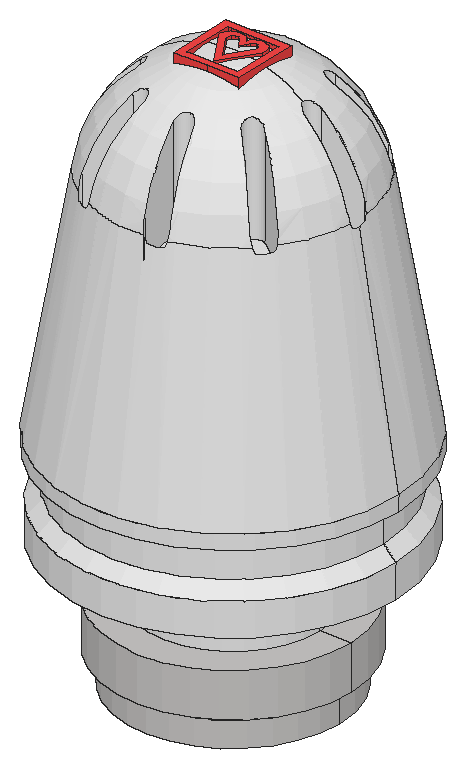
Revit family "HERZ-Thermostatkopf MINI Turbo M28x1.5 9200 13", category Rohrzubehör, Revit 2019
Family settings
  Bemaßung runder Anschluss = Durchmesser verwenden
  Teiletyp = Normal
  OmniClass-Nummer = 23.65.55.14
  OmniClass-Titel = Valves for Liquid Services
  Arbeitsebenenbasiert = Nein
  Immer vertikal = Nein
  Beim Laden mit Abzugskörper schneiden = Nein
  Gemeinsam genutzt = Nein
Parameters
  URL = "www.herz-armaturen.at"
  Thermostatkopf = "Kunststoff, weiß"  # constant formula
  Sollwertbereich = "0-30°C"  # constant formula
  S02 = 60 mm  # constant formula
  S01 = 73 mm  # constant formula
  Nullstellung = "Heizkörperthermostat mit Flüssigkeitsfühler (Hydrosensor) mit Stellung „0“, Frostsicherung einstellbar, mit Begrenzung und Blockierung des Sollwertbereiches."
  Hersteller = "HERZ Armaturen Ges.m.b.H."  # constant formula
  Funktionsweise = "Der HERZ-Thermostat dient als Fühl- und Regelelement. Durch die Volumsänderung der Flüssigkeitsfüllung im HERZ-Hydrosensor wird die Schubspindel des Ventils bewegt."
  Frostsicherung bei = 6 °C  # constant formula
  Sollwertbereich Frostsicherung = "6-30°C"  # constant formula
  Frostsicherung = "Heizkörperthermostat  mit  Flüssigkeitsfühler  (Hydrosensor)  mit  automatischer  Frostsicherung  und  Be-grenzung und Blockierung des Sollwertbereiches."
  Bestellnummer = 1920013  # constant formula
  Anwendungen = "Zur Montage auf Ventilen, die für thermostatischen Betrieb eingerichtet sind.Artikelnummern, Dimensionen und Lieferform der HERZ Ventile sind den jeweiligen Produktnormblättern zu entnehmen."
Reference planes
  plane 1 "Mitte (Vorne/hinten)": y = 0
  plane 2: z = 0
  plane 3 "Mitte (Links/rechts)": x = 0
Forms (mm)
  Revolve 1, solid, material "Kunststoff weiß", detail levels fine
    sketch origin (0, 0, 0) x (1, 0, 0) y (0, 0, 1)
      loop
        line (0, 0) -> (0, 73)
        arc (0, 73) -> (-11.397, 68.78) -> (-17.297, 58.156) r 17.5
        arc (-17.297, 58.156) -> (-20.011, 42.065) -> (-22.88, 26) r 1681.293
        line (-22.88, 26) -> (-22.88, 24) -> (-20.75, 24) -> (-20.75, 19.25) -> (-22.5, 17.5) -> (-22.5, 13) -> (-12.8, 13)
        arc (-12.8, 13) -> (-12.234, 12.766) -> (-12, 12.2) r 0.8
        line (-12, 12.2) -> (-12, 4.8) -> (-13.2, 4.8) -> (-13.2, 0) -> (0, 0)
      axis (0, 73) -> (0, 0)
    angle from 0 to 360
  Revolve 2, solid, material "Messing verzinkt", detail levels fine
    sketch origin (0, 0, 0) x (1, 0, 0) y (0, 0, 1)
      loop
        line (0, 0) -> (0, 5.5) -> (-16.35, 5.5) -> (-16.35, -0.576) -> (-14.75, -1.5) -> (-14.75, -5) -> (-13.35, -5) -> (-13.35, 0) -> (0, 0)
      axis (0, 5.5) -> (0, -5)
    angle from 0 to 360
  Extrusion 3, void
    sketch origin (0, 0, 0) x (1, 0, 0) y (0, 1, 0)
      loop
        arc (11.027, 1.298) -> (9.8, 0) -> (11.027, -1.298) r 1.3
        line (11.027, -1.298) -> (16.77, -1.62)
        arc (16.77, -1.62) -> (17.178, -1.485) -> (17.384, -1.107) r 0.586
        arc (17.384, -1.107) -> (17.453, 0.011) -> (17.382, 1.129) r 9
        arc (17.382, 1.129) -> (17.183, 1.492) -> (16.79, 1.621) r 0.564
        line (16.79, 1.621) -> (11.027, 1.298)
      loop
        line (9.282, 6.094) -> (13.904, 9.55)
        arc (13.904, 9.55) -> (14.121, 9.902) -> (14.04, 10.308) r 0.564
        arc (14.04, 10.308) -> (13.376, 11.21) -> (12.605, 12.023) r 9
        arc (12.605, 12.023) -> (12.205, 12.18) -> (11.805, 12.021) r 0.586
        line (11.805, 12.021) -> (7.613, 8.082)
        arc (7.613, 8.082) -> (7.507, 6.299) -> (9.282, 6.094) r 1.3
      loop
        arc (0.637, 11.085) -> (1.702, 9.651) -> (3.193, 10.634) r 1.3
        line (3.193, 10.634) -> (4.508, 16.234)
        arc (4.508, 16.234) -> (4.445, 16.659) -> (4.109, 16.928) r 0.586
        arc (4.109, 16.928) -> (3.02, 17.189) -> (1.907, 17.313) r 9
        arc (1.907, 17.313) -> (1.515, 17.181) -> (1.319, 16.816) r 0.564
        line (1.319, 16.816) -> (0.637, 11.085)
      loop
        line (-4.39, 10.199) -> (-6.991, 15.351)
        arc (-6.991, 15.351) -> (-7.3, 15.626) -> (-7.713, 15.617) r 0.564
        arc (-7.713, 15.617) -> (-8.717, 15.12) -> (-9.651, 14.501) r 9
        arc (-9.651, 14.501) -> (-9.875, 14.134) -> (-9.788, 13.713) r 0.586
        line (-9.788, 13.713) -> (-6.638, 8.901)
        arc (-6.638, 8.901) -> (-4.9, 8.487) -> (-4.39, 10.199) r 1.3
      loop
        arc (-10.806, 2.552) -> (-9.209, 3.352) -> (-9.918, 4.991) r 1.3
        line (-9.918, 4.991) -> (-15.204, 7.258)
        arc (-15.204, 7.258) -> (-15.634, 7.271) -> (-15.957, 6.986) r 0.586
        arc (-15.957, 6.986) -> (-16.404, 5.959) -> (-16.719, 4.884) r 9
        arc (-16.719, 4.884) -> (-16.657, 4.475) -> (-16.332, 4.219) r 0.564
        line (-16.332, 4.219) -> (-10.806, 2.552)
      loop
        line (-10.806, -2.552) -> (-16.332, -4.219)
        arc (-16.332, -4.219) -> (-16.657, -4.475) -> (-16.719, -4.884) r 0.564
        arc (-16.719, -4.884) -> (-16.404, -5.959) -> (-15.957, -6.986) r 9
        arc (-15.957, -6.986) -> (-15.634, -7.271) -> (-15.204, -7.258) r 0.586
        line (-15.204, -7.258) -> (-9.918, -4.991)
        arc (-9.918, -4.991) -> (-9.209, -3.352) -> (-10.806, -2.552) r 1.3
      loop
        arc (9.282, -6.094) -> (7.507, -6.299) -> (7.613, -8.082) r 1.3
        line (7.613, -8.082) -> (11.805, -12.021)
        arc (11.805, -12.021) -> (12.205, -12.18) -> (12.605, -12.023) r 0.586
        arc (12.605, -12.023) -> (13.376, -11.21) -> (14.04, -10.308) r 9
        arc (14.04, -10.308) -> (14.121, -9.902) -> (13.904, -9.55) r 0.564
        line (13.904, -9.55) -> (9.282, -6.094)
      loop
        line (0.637, -11.085) -> (1.319, -16.816)
        arc (1.319, -16.816) -> (1.515, -17.181) -> (1.907, -17.313) r 0.564
        arc (1.907, -17.313) -> (3.02, -17.189) -> (4.109, -16.928) r 9
        arc (4.109, -16.928) -> (4.445, -16.659) -> (4.508, -16.234) r 0.586
        line (4.508, -16.234) -> (3.193, -10.634)
        arc (3.193, -10.634) -> (1.702, -9.651) -> (0.637, -11.085) r 1.3
      loop
        arc (-4.39, -10.199) -> (-4.9, -8.487) -> (-6.638, -8.901) r 1.3
        line (-6.638, -8.901) -> (-9.788, -13.713)
        arc (-9.788, -13.713) -> (-9.875, -14.134) -> (-9.651, -14.501) r 0.586
        arc (-9.651, -14.501) -> (-8.717, -15.12) -> (-7.713, -15.617) r 9
        arc (-7.713, -15.617) -> (-7.3, -15.626) -> (-6.991, -15.351) r 0.564
        line (-6.991, -15.351) -> (-4.39, -10.199)
    from 55 to 73
Cuts and joins
  Extrusion 3 cuts Revolve 1
Lines and regions (mm)
  model lines, detail levels coarse+medium
    curve 1: line (0, 0, 0) -> (0, 0, 13)
    curve 2: line (0, -0.017, 0) -> (0, 13, 0)
    curve 3: circle (-0.018, 0, 43) r 30 normal (0, -1, 0)
    curve 4: circle (0, 0, 43) r 30 normal (1, 0, 0)
    curve 5: line (0, 0, 23) -> (0, 0, 63)
    curve 6: line (0, 17.5, 63) -> (0, -17.5, 63)
    curve 7: line (-0.018, 0, 23) -> (-0.018, 0, 63)
    curve 8: line (-17.518, 0, 63) -> (17.482, 0, 63)
    curve 9: circle (0, 43, 0) r 30 normal (0, 0, 1)
    curve 10: line (0, 63, 0) -> (0, 23, 0)
    curve 11: line (-17.5, 63, 0) -> (17.5, 63, 0)
Dimensions and locks
  "S01": curve 4 to plane 2
  "S01": curve 3 to plane 2
  "S01": plane 1 "Mitte (Vorne/hinten)" to curve 9
  "S02": diameter of curve 3
  "S02": diameter of curve 4
  "S02": diameter of curve 9
  aligned and locked: level to plane 2
Automatic sketch dimensions
  Revolve 1 sketch curve to level = 0 mm
  Revolve 1 sketch curve to plane 3 "Mitte (Links/rechts)" = 0 mm  (x2)
  Revolve 1 sketch curve to plane 3 "Mitte (Links/rechts)" = 12 mm
  Revolve 1 sketch curve to Revolve 1 sketch curve = 0.8 mm
  Revolve 1 sketch curve to Revolve 1 sketch curve = 1.2 mm
  Revolve 1 sketch curve to Revolve 1 sketch curve = 7.95 mm
  Revolve 1 sketch curve to Revolve 1 sketch curve = 1.75 mm  (x2)
  Revolve 1 sketch curve to Revolve 1 sketch curve = 2.13 mm
  level to Revolve 1 sketch curve = 329.658 mm
  Revolve 1 sketch curve to plane 3 "Mitte (Links/rechts)" = 1676.524 mm
  level to Revolve 1 sketch curve = 4.8 mm
  Revolve 1 sketch curve to Revolve 1 sketch curve = 7.4 mm
  Revolve 1 sketch curve to Revolve 1 sketch curve = 4.5 mm
  Revolve 1 sketch curve to Revolve 1 sketch curve = 4.75 mm
  Revolve 1 sketch curve to Revolve 1 sketch curve = 2 mm
  Revolve 1 sketch curve to Revolve 1 sketch curve = 29.5 mm
  Revolve 1 sketch curve to Revolve 1 sketch curve = 17.5 mm
  Revolve 1 sketch curve to level = 366.045 mm
  Revolve 1 sketch curve to Revolve 1 sketch curve = 2141.315 mm
  Revolve 2 sketch curve to level = 0 mm
  Revolve 2 sketch curve to plane 3 "Mitte (Links/rechts)" = 0 mm  (x2)
  Revolve 2 sketch curve to level = 5 mm
  Revolve 2 sketch curve to plane 3 "Mitte (Links/rechts)" = 13.35 mm
  Revolve 2 sketch curve to Revolve 2 sketch curve = 1.4 mm
  Revolve 2 sketch curve to level = 0.576 mm
  Revolve 2 sketch curve to Revolve 2 sketch curve = 1.6 mm
  Revolve 2 sketch curve to level = 1.5 mm
  level to Revolve 2 sketch curve = 5.5 mm
  Revolve 2 sketch curve to Revolve 2 sketch curve = 361.045 mm
  Revolve 2 sketch curve to Revolve 2 sketch curve = 2208.815 mm
  plane 1 "Mitte (Vorne/hinten)" to Extrusion 3 sketch curve = 0 mm  (x2)
  Extrusion 3 sketch curve to plane 1 "Mitte (Vorne/hinten)" = 4.219 mm
  Extrusion 3 sketch curve to plane 3 "Mitte (Links/rechts)" = 16.332 mm
  plane 1 "Mitte (Vorne/hinten)" to Extrusion 3 sketch curve = 4.219 mm
  Extrusion 3 sketch curve to Extrusion 3 sketch curve = 0 mm  (x11)
  Extrusion 3 sketch curve to Extrusion 3 sketch curve = 0.163 mm  (x2)
  Extrusion 3 sketch curve to Extrusion 3 sketch curve = 0.734 mm  (x2)
  plane 1 "Mitte (Vorne/hinten)" to Extrusion 3 sketch curve = 7.258 mm
  Extrusion 3 sketch curve to Extrusion 3 sketch curve = 0.231 mm  (x2)
  Extrusion 3 sketch curve to plane 1 "Mitte (Vorne/hinten)" = 7.258 mm
  plane 1 "Mitte (Vorne/hinten)" to Extrusion 3 sketch curve = 2.552 mm
  Extrusion 3 sketch curve to Extrusion 3 sketch curve = 5.526 mm
  Extrusion 3 sketch curve to plane 1 "Mitte (Vorne/hinten)" = 2.552 mm
  Extrusion 3 sketch curve to Extrusion 3 sketch curve = 0.375 mm  (x2)
  Extrusion 3 sketch curve to Extrusion 3 sketch curve = 0.512 mm  (x2)
  Extrusion 3 sketch curve to Extrusion 3 sketch curve = 5.416 mm  (x2)
  Extrusion 3 sketch curve to Extrusion 3 sketch curve = 0.49 mm  (x2)
  Extrusion 3 sketch curve to Extrusion 3 sketch curve = 2.488 mm  (x2)
  Extrusion 3 sketch curve to Extrusion 3 sketch curve = 1.803 mm  (x2)
  Extrusion 3 sketch curve to Extrusion 3 sketch curve = 0.504 mm  (x2)
  Extrusion 3 sketch curve to Extrusion 3 sketch curve = 3.281 mm  (x2)
  Extrusion 3 sketch curve to Extrusion 3 sketch curve = 1.088 mm  (x2)
  Extrusion 3 sketch curve to Extrusion 3 sketch curve = 1.16 mm  (x2)
  Extrusion 3 sketch curve to Extrusion 3 sketch curve = 1.324 mm  (x2)
  plane 3 "Mitte (Links/rechts)" to Extrusion 3 sketch curve = 0.637 mm  (x2)
  plane 3 "Mitte (Links/rechts)" to Extrusion 3 sketch curve = 1.319 mm  (x2)
  plane 3 "Mitte (Links/rechts)" to Extrusion 3 sketch curve = 1.468 mm  (x2)
  Extrusion 3 sketch curve to Extrusion 3 sketch curve = 0.561 mm  (x2)
  Extrusion 3 sketch curve to Extrusion 3 sketch curve = 1.291 mm  (x2)
  Extrusion 3 sketch curve to Extrusion 3 sketch curve = 1.266 mm  (x2)
  Extrusion 3 sketch curve to Extrusion 3 sketch curve = 2.058 mm  (x2)
  Extrusion 3 sketch curve to Extrusion 3 sketch curve = 0.57 mm  (x2)
  Extrusion 3 sketch curve to Extrusion 3 sketch curve = 5.007 mm  (x2)
  Extrusion 3 sketch curve to Extrusion 3 sketch curve = 1.138 mm  (x2)
  Extrusion 3 sketch curve to Extrusion 3 sketch curve = 1.978 mm
  Extrusion 3 sketch curve to Extrusion 3 sketch curve = 0.89 mm  (x2)
  Extrusion 3 sketch curve to Extrusion 3 sketch curve = 0.779 mm  (x2)
  plane 1 "Mitte (Vorne/hinten)" to Extrusion 3 sketch curve = 1.298 mm
  Extrusion 3 sketch curve to Extrusion 3 sketch curve = 2.575 mm
  Extrusion 3 sketch curve to Extrusion 3 sketch curve = 0.073 mm
  Extrusion 3 sketch curve to Extrusion 3 sketch curve = 4.192 mm  (x2)
  Extrusion 3 sketch curve to Extrusion 3 sketch curve = 0.401 mm  (x2)
  Extrusion 3 sketch curve to Extrusion 3 sketch curve = 1.36 mm  (x2)
  Extrusion 3 sketch curve to Extrusion 3 sketch curve = 0.338 mm  (x2)
  plane 1 "Mitte (Vorne/hinten)" to Extrusion 3 sketch curve = 1.62 mm
  Extrusion 3 sketch curve to Extrusion 3 sketch curve = 5.743 mm
  Extrusion 3 sketch curve to plane 1 "Mitte (Vorne/hinten)" = 1.621 mm
  Extrusion 3 sketch curve to Extrusion 3 sketch curve = 0.02 mm
  Extrusion 3 sketch curve to Extrusion 3 sketch curve = 0.033 mm
  Extrusion 3 sketch curve to Extrusion 3 sketch curve = 0.032 mm
  plane 1 "Mitte (Vorne/hinten)" to Extrusion 3 sketch curve = 7.32 mm
  Extrusion 3 sketch curve to Extrusion 3 sketch curve = 6.784 mm
  Extrusion 3 sketch curve to Extrusion 3 sketch curve = 1.004 mm
  Extrusion 3 sketch curve to Extrusion 3 sketch curve = 1.581 mm  (x2)
  Extrusion 3 sketch curve to Extrusion 3 sketch curve = 1.468 mm
  Extrusion 3 sketch curve to Extrusion 3 sketch curve = 0.712 mm  (x2)
  Extrusion 3 sketch curve to Extrusion 3 sketch curve = 0.452 mm  (x2)
  Extrusion 3 sketch curve to Extrusion 3 sketch curve = 2.31 mm  (x2)
  Extrusion 3 sketch curve to Extrusion 3 sketch curve = 0.297 mm  (x2)
  Extrusion 3 sketch curve to Extrusion 3 sketch curve = 1.591 mm  (x2)
  Extrusion 3 sketch curve to Extrusion 3 sketch curve = 0.427 mm  (x2)
  Extrusion 3 sketch curve to Extrusion 3 sketch curve = 4.812 mm  (x2)
  Extrusion 3 sketch curve to Extrusion 3 sketch curve = 0.321 mm  (x2)
  Extrusion 3 sketch curve to Extrusion 3 sketch curve = 1.063 mm  (x2)
  Extrusion 3 sketch curve to Extrusion 3 sketch curve = 0.254 mm  (x2)
  Extrusion 3 sketch curve to Extrusion 3 sketch curve = 5.599 mm  (x2)
  Extrusion 3 sketch curve to Extrusion 3 sketch curve = 0.134 mm  (x2)
  Extrusion 3 sketch curve to Extrusion 3 sketch curve = 0.382 mm  (x2)
  Extrusion 3 sketch curve to Extrusion 3 sketch curve = 0.067 mm  (x2)
  Extrusion 3 sketch curve to Extrusion 3 sketch curve = 0.947 mm
  Extrusion 3 sketch curve to Extrusion 3 sketch curve = 0.539 mm  (x2)
  Extrusion 3 sketch curve to Extrusion 3 sketch curve = 1.702 mm
  Extrusion 3 sketch curve to Extrusion 3 sketch curve = 2.439 mm
  Extrusion 3 sketch curve to Extrusion 3 sketch curve = 0.54 mm  (x2)
  Extrusion 3 sketch curve to Extrusion 3 sketch curve = 0.905 mm
  Extrusion 3 sketch curve to Extrusion 3 sketch curve = 0.585 mm
  Extrusion 3 sketch curve to Extrusion 3 sketch curve = 0.564 mm
  Extrusion 3 sketch curve to Extrusion 3 sketch curve = 0.339 mm
  Extrusion 3 sketch curve to Extrusion 3 sketch curve = 1.245 mm
  Extrusion 3 sketch curve to plane 1 "Mitte (Vorne/hinten)" = 5.433 mm
  Extrusion 3 sketch curve to Extrusion 3 sketch curve = 0.661 mm
  Extrusion 3 sketch curve to Extrusion 3 sketch curve = 1.041 mm
  Extrusion 3 sketch curve to Extrusion 3 sketch curve = 4.429 mm
  Extrusion 3 sketch curve to Extrusion 3 sketch curve = 2.891 mm
  Extrusion 3 sketch curve to Extrusion 3 sketch curve = 3.456 mm
  Extrusion 3 sketch curve to plane 1 "Mitte (Vorne/hinten)" = 1.298 mm  (x2)
  curve 5 to plane 1 "Mitte (Vorne/hinten)" = 0 mm
  curve 4 to plane 1 "Mitte (Vorne/hinten)" = 0 mm
  plane 1 "Mitte (Vorne/hinten)" to curve 6 = 17.5 mm
  curve 5 to curve 6 = 17.5 mm
  curve 5 to curve 4 = 20 mm
  curve 4 to curve 6 = 20 mm
  curve 1 to plane 3 "Mitte (Links/rechts)" = 0 mm
  curve 1 to level = 0 mm
  curve 3 to plane 3 "Mitte (Links/rechts)" = 0.018 mm
  curve 7 to plane 3 "Mitte (Links/rechts)" = 0.018 mm
  curve 8 to curve 7 = 17.5 mm
  plane 3 "Mitte (Links/rechts)" to curve 8 = 17.482 mm
  curve 1 to curve 7 = 10 mm
  curve 3 to curve 8 = 20 mm
  curve 9 to plane 3 "Mitte (Links/rechts)" = 0 mm
  curve 10 to plane 3 "Mitte (Links/rechts)" = 0 mm
  curve 2 to plane 3 "Mitte (Links/rechts)" = 0 mm
  curve 11 to curve 10 = 17.5 mm
  plane 3 "Mitte (Links/rechts)" to curve 11 = 17.5 mm
  plane 1 "Mitte (Vorne/hinten)" to curve 2 = 0.017 mm
  curve 2 to curve 10 = 10 mm
  curve 9 to curve 11 = 20 mm
Nested families
  nested 1: "Herz-Logo" at (0, 0, 71.5), type "Herz-Logo", detail levels fine
Definition of nested family "Herz-Logo"
  Reference planes
    plane 1 "Mitte (Vorne/hinten)": y = 0
    plane 2: z = 0
    plane 3 "Mitte (Links/rechts)": x = 0
  Forms (mm)
    Extrusion 1, solid
      sketch origin (0, 0, 0) x (1, 0, 0) y (0, 1, 0)
        loop
          line (-0.018, -4.517) -> (4.482, -4.517) -> (4.482, 4.483) -> (-4.518, 4.483) -> (-4.518, -4.517) -> (-0.018, -4.517)
        loop
          line (-0.05, -3.48) -> (3.482, -3.48) -> (3.482, 3.483) -> (-3.518, 3.483) -> (-3.518, -3.48) -> (-0.05, -3.48)
        loop
          arc (-0.018, 2.383) -> (-1.543, 3.287) -> (-3.067, 2.383) r 1.738
          arc (-3.067, 2.383) -> (-3.191, 1.899) -> (-3.067, 1.415) r 1.009
          line (-3.067, 1.415) -> (-0.018, -3.281) -> (3.032, 1.415)
          arc (3.032, 1.415) -> (3.156, 1.899) -> (3.032, 2.383) r 1.009
          arc (3.032, 2.383) -> (1.507, 3.287) -> (-0.018, 2.383) r 1.738
        loop
          arc (1.885, 1.272) -> (2.005, 1.675) -> (1.885, 2.079) r 0.74
          arc (1.885, 2.079) -> (1.265, 2.416) -> (0.644, 2.079) r 0.74
          line (0.644, 2.079) -> (-0.018, 0.97) -> (-0.679, 2.079)
          arc (-0.679, 2.079) -> (-1.3, 2.416) -> (-1.921, 2.079) r 0.74
          arc (-1.921, 2.079) -> (-2.04, 1.675) -> (-1.921, 1.272) r 0.74
          line (-1.921, 1.272) -> (-0.018, -1.658) -> (1.885, 1.272)
      from 0 to 1.5
  Dimensions and locks
    aligned and locked: level to plane 2
